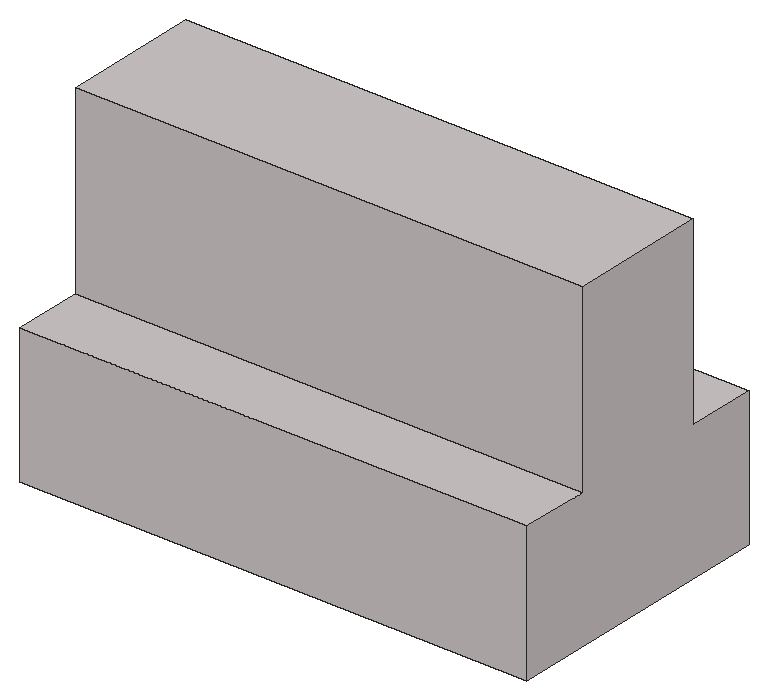
Revit family "2d4183e989724b079baea838513071b5", category Structural Framing, Revit 2021
Family settings
  Display in Hidden Views = Edges Hidden by Other Members
  Structural Framing Length Roundoff = 0' - 0"
  Section Shape = Not Defined
  Material for Model Behavior = Precast Concrete
  Always export as geometry = No
  OmniClass Number = 23.25.30.11.14.14
  OmniClass Title = Beams
  Seek Item ID = Precast-Inverted Tee-0000-USA-ENU
  Always vertical = Yes
  Cut with Voids When Loaded = No
  Symbolic Representation = From Family
  Shared = No
  Show family pre-cut in plan views = Yes
Parameters (values of type "24IT28")
  Structural Material [instance] = Concrete - Precast Concrete - Normal Weight Concrete - 5 ksi
  Seat = 0' - 6"
  Assembly Code = "B10"
  Length [instance] = 5' - 0"
  b = 2' - 0"
  h = 2' - 4"
  h1 = 1' - 4"
Types (4): name | h | h1
  (no name) | 2' - 4" | 1' - 4"
  24IT20 | 1' - 8" | 1' - 0"
  24IT28 | 2' - 4" | 1' - 4"
  24IT48 | 4' - 0" | 2' - 8"
Reference planes (in)
  plane 1 "Center (Front/Back)": y = 0
  plane 2: z = 0
  plane 3 "Center (Left/Right)": x = 0.1815
  plane 4 "Member Left": x = -21.8185
  plane 5 "Member Right": x = 22.1815
  plane 6: y = 12
  plane 7: y = -12
  plane 8: z = 14
  plane 9 "Bottom": z = -14
  plane 10 "Left": x = -29.8185
  plane 11 "Right": x = 30.1815
Forms (in)
  Sweep 1, solid, material "Concrete - Precast Concrete - Normal Weight Concrete - 5 ksi" <- "Structural Material"
    path origin (0, 0, 0) x (1, 0, 0) y (0, 1, 0)
      loop
        line (22.1815, 0) -> (-21.8185, 0)
    profile "Inverted Tee-Profile : Inverted Tee-Profile" origin (0.1815, 0, 0) x (0, -1, 0) y (0, 0, 1)
      loop
        line (12, -14) -> (12, -2) -> (6, -2) -> (6, 14) -> (-6, 14) -> (-6, -2) -> (-12, -2) -> (-12, -14) -> (12, -14)
Dimensions and locks (in)
  "b": plane 6 to plane 7
  equal spacing: plane 9 "Bottom", plane 2, plane 8
  equal spacing: plane 6, plane 1 "Center (Front/Back)", plane 7
  "h": plane 9 "Bottom" to plane 8
  "Length": plane 10 "Left" to plane 11 "Right"
  aligned and locked: Sweep 1 sketch curve to plane 1 "Center (Front/Back)"
  aligned and locked: plane 4 "Member Left" to Sweep 1 sketch curve
  aligned and locked: plane 5 "Member Right" to Sweep 1 sketch curve
